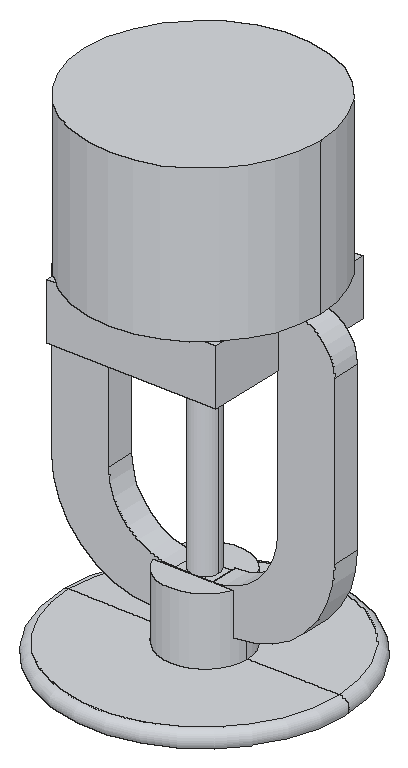
Revit family
Parameters (values of type "RASCO F1FR-300 PENDENT")
  Temperature Rating = 175 °F
  Response = 1
  RASCO SIN # = "R5612"
  RASCO Part # = "F1FRP5LB3"
  Pressure Rating = "300 PSI"
  Pressure Class = 1
  Orifice Size = 17/32"
  Orifice = (empty or 0)
  Model = "F1FR-300"
  Manufacturer = "RASCO"
  K-Factor = 8
  Description = "Bronze Finish"
  Coverage = (empty or 0)
Reference planes (in)
  plane 1 "Center (Front/Back)": y = 0
  plane 2: z = 0
  plane 3 "Center (Left/Right)": x = 0
Dimensions and locks (in)
  aligned and locked: plane 2 to level
Nested families (in)
  nested 1: "F1FRP5LB3" at (-0.01148, 0, 2.4375) x (-1, 0, 0) z (0, 0, -1), type "RASCO F1FR-300 PENDENT"
Connectors (in)
  piping at (-0.01148, 0, 2.4375)
    settings: on nested 1, index 1, connector radius 1/2", flow factor 0, pipe flow 0 GPM, pressure drop 0.00 psi, fitting loss kfactor 0, connector angle 0.00°, fixture units 0, flow configuration 0, flow direction 0, fitting loss method 0, system type 7, connector reference index -1, connector utility 0, adjustable connector no, is connector primary yes, fitting loss table "", connector description ""
Definition of nested family "F1FRP5LB3"
  Parameters (values of type "RASCO F1FR-300 PENDENT")
    Type Comments = ""
    Temperature Rating = 0 °F
    Response = (empty or 0)
    Pressure Rating = "0"
    Pressure Class = (empty or 0)
    Orifice Size = 0"
    Orifice = (empty or 0)
    Model = ""
    Manufacturer = ""
    K-Factor = 0
    Description = ""
    Coverage = (empty or 0)
    Assembly Code = ""
  Reference planes (in)
    plane 1 "Center (Front/Back)": y = 0
    plane 2: z = 0
    plane 3 "ref.2": z = 0.6875
    plane 4 "ref.3": z = 0.9375
    plane 5: x = -0.38065
    plane 6: x = 0.36935
    plane 7 "ref. side 1": y = 0.06402
    plane 8 "ref. side 2": y = -0.06098
    plane 9 "ref.4": z = 1.875
    plane 10 "ref.5": z = 2.3125
    plane 11 "ref.6": z = 2.4375
  Forms (in)
    Extrusion 1, solid
      sketch origin (0, 0, 0) x (1, 0, 0) y (0, 1, 0)
        loop
          circle (0, 0) r 0.5221
      from 0 to 0.6875
    Extrusion 2, solid
      sketch origin (-0.12185, 0.05177, 0.6875) x (1, 0, 0) y (0, 1, 0)
        loop
          line (-0.2588, 0.356) -> (-0.2588, -0.4565) -> (0.4912, -0.4565) -> (0.4912, 0.356) -> (-0.2588, 0.356)
      from 0 to 0.25
    Extrusion 3, solid
      sketch origin (0, 0, 0) x (1, 0, 0) y (0, 0, 1)
        loop
          line (-0.38065, 0.69674) -> (-0.38065, 1.58397)
          arc (-0.38065, 1.58397) -> (-0.29541, 1.78976) -> (-0.08962, 1.875) r 0.29103
          line (-0.08962, 1.875) -> (0.07524, 1.875)
          arc (0.07524, 1.875) -> (0.28321, 1.78886) -> (0.36935, 1.58089) r 0.29411
          line (0.36935, 1.58089) -> (0.36935, 0.69728)
          arc (0.36935, 0.69728) -> (0.54046, 0.72329) -> (0.61935, 0.87734) r 0.18984
          line (0.61935, 0.87734) -> (0.61935, 1.61676)
          arc (0.61935, 1.61676) -> (0.48879, 1.93194) -> (0.17361, 2.0625) r 0.44574
          line (0.17361, 2.0625) -> (-0.18509, 2.0625)
          arc (-0.18509, 2.0625) -> (-0.50015, 1.932) -> (-0.63065, 1.61694) r 0.44556
          line (-0.63065, 1.61694) -> (-0.63065, 0.87876)
          arc (-0.63065, 0.87876) -> (-0.55196, 0.72414) -> (-0.38065, 0.69674) r 0.19126
      from -0.06402 to 0.06098
    Extrusion 4, solid
      sketch origin (0, 0, 0.9375) x (-1, 0, 0) y (0, -1, 0)
        loop
          circle (0.00574, -0.00152) r 0.0625
      from 0 to 0.9375
    Extrusion 5, solid
      sketch origin (0, 0, 1.875) x (-1, 0, 0) y (0, -1, 0)
        loop
          circle (0.00574, -0.00152) r 0.1875
      from 0 to 0.4375
    Revolve 6, solid
      sketch origin (0, 0, -0.2777) x (1, 0, 0) y (0, 0, 1)
        loop
          line (-0.19324, 2.44806) -> (-0.19324, 2.52696) -> (-0.60469, 2.52696)
          arc (-0.60469, 2.52696) -> (-0.64414, 2.48751) -> (-0.60469, 2.44806) r 0.03945
          line (-0.60469, 2.44806) -> (-0.19324, 2.44806)
        axis (-0.00574, 2.44806) -> (-0.00574, 2.52696)
      angle from 0 to 360
  Cuts and joins
    joined: Extrusion 1, Extrusion 2, Extrusion 4, Revolve 6
  Lines and regions (in)
    model lines
      curve 1: line (-0.00574, 0.06402, 1.875) -> (-0.00574, -0.06098, 1.875)
  Dimensions and locks (in)
    Extrusion 3 to Extrusion 3 = 0' - 1 1/4"
    Extrusion 5 to cut or joined group of Extrusion 1, Extrusion 2, Extrusion 4, Revolve 6 = 0' - 2 5/16"
